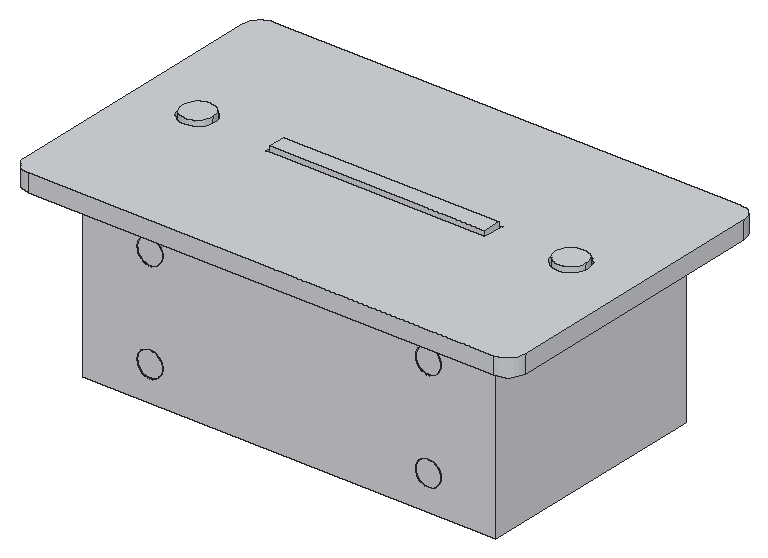
Revit family "Plumbing Fixture_Galvin_Flowmatic_Wall_Sensor_SS_TZ-FLOWSRIM_W", category Plumbing Fixtures, host Face, Revit 2019
Family settings
  Host = Face
  Round Connector Dimension = Use Diameter
  Part Type = Normal
  Cut with Voids When Loaded = No
  Shared = No
  Room Calculation Point = No
Parameters (values of type "Type 1")
  Waste Connection = no
  Vent Connection = no
  Variants = "Electronic"
  Vandal_Resistant = no
  URL = "http://www.galvinengineering.com.au"
  Thread = "25 BSP"
  Specify_Host = "Face"
  SKU_Code = "TZ-FLOWSRIM"
  Product_Type = "Sensor"
  Product_Range = "Flowmatic"
  PlumbingMaterial_ANZRS = Varies
  PlumbingFinish = "Varies"
  Mounting_Surface = "Wall"
  Mounting = "Wall"
  Manufacturer_Phone_No = "1300-514-074"
  Manufacturer_OverallWidth = 0 mm
  Manufacturer_OverallHeight = 0 mm
  Manufacturer_OverallDepth = 0 mm
  Manufacturer = "Galvin Engineering"
  Instructions = ""
  HW Connection = no
  FlowRate = "N/A"
  FilterObject_ANZRS = ""
  Description = "Flowmatic Concealed Sensor Assembly 24V AC for Flushing Rim Sink w/ SS Face Plate"
  Default Elevation = 1219.2 mm
  CategoryStyleOrType_ANZRS = "Plumbing Fixture"
  CW Connection = no
  Application = "Commercial"
  Anti_Ligature = no
Reference planes
  plane 1 "Center (Front/Back)": y = 0
  plane 2: z = 0
  plane 3 "Center (Left/Right)": x = 0
Dimensions and locks
  aligned and locked: plane 2 to host face
  aligned and locked: level to host face
Nested families
  nested 1: "X_GALVIN_FLOWMATIC_WALL_SENSOR_TZ-FLOWSRIM" at (0, 0, 0), type "Type 1"
Definition of nested family "X_GALVIN_FLOWMATIC_WALL_SENSOR_TZ-FLOWSRIM"
  Parameters
    URL = "http://www.galvinengineering.com.au"
    Manufacturer = "Galvin Engineering"
    Description = "FLOWMATIC CONCEALED SENSOR ASSEMBLY 24AC FOR FLUSHING SINK W/ ST/ST FACEPLATE"
  Reference planes
    plane 1 "Center (Front/Back)": y = 0
    plane 2: z = 0
    plane 3 "Center (Left/Right)": x = 0
    plane 4: x = 42.5
    plane 5: x = -42.5
    plane 6: y = 0
    plane 7: y = 0
  Forms (mm)
    Extrusion 1, solid
      sketch origin (0, -27, -39) x (1, 0, 0) y (0, 0, -1)
        loop
          line (-47, 0) -> (-47, -39) -> (47, -39) -> (47, 0) -> (-47, 0)
      from 0 to 54
    Extrusion 2, solid
      sketch origin (0, -133, -39) x (1, 0, 0) y (0, 0, -1)
        loop
          line (-57, -43) -> (57, -43) -> (57, -39) -> (-57, -39) -> (-57, -43)
      from 98 to 168
    Extrusion 3, void
      sketch origin (0, -973, -39) x (1, 0, 0) y (0, 0, -1)
        loop
          circle (-31.699, -8) r 3
        loop
          circle (31.699, -8) r 3
        loop
          circle (-31.699, -31) r 3
        loop
          circle (31.699, -31) r 3
      from 946 to 1000
    Extrusion 4, solid
      sketch origin (0, -973, -39) x (1, 0, 0) y (0, 0, -1)
        loop
          circle (-31.699, -8) r 2.8
        loop
          circle (31.699, -8) r 2.8
        loop
          circle (-31.699, -31) r 2.8
        loop
          circle (31.699, -31) r 2.8
      from 946 to 1000
    Extrusion 5, void
      sketch origin (0, -1463, -39) x (1, 0, 0) y (0, 1, 0)
        loop
          line (-25, 1465.5) -> (-25, 1460.5) -> (25, 1460.5) -> (25, 1465.5) -> (-25, 1465.5)
        loop
          line (-57, 1498) -> (-57, 1494)
          arc (-57, 1494) -> (-55.828, 1496.828) -> (-53, 1498) r 4
          line (-53, 1498) -> (-57, 1498)
        loop
          line (57, 1498) -> (53, 1498)
          arc (53, 1498) -> (55.828, 1496.828) -> (57, 1494) r 4
          line (57, 1494) -> (57, 1498)
        loop
          line (-57, 1428) -> (-53, 1428)
          arc (-53, 1428) -> (-55.828, 1429.172) -> (-57, 1432) r 4
          line (-57, 1432) -> (-57, 1428)
        loop
          line (57, 1428) -> (57, 1432)
          arc (57, 1432) -> (55.828, 1429.172) -> (53, 1428) r 4
          line (53, 1428) -> (57, 1428)
        loop
          circle (-42.5, 1463) r 4
        loop
          circle (42.5, 1463) r 4
      from 37.513 to 47.377
    Extrusion 6, solid
      sketch origin (0, -973, -39) x (1, 0, 0) y (0, 1, 0)
        loop
          line (-24.502, 975) -> (-24.502, 971) -> (24.5, 971) -> (24.5, 975) -> (-24.502, 975)
      from 39 to 44
    Extrusion 7, solid
      sketch origin (0, -972.5, -39) x (1, 0, 0) y (0, 1, 0)
        loop
          circle (-42.5, 972.5) r 3.5
        loop
          circle (42.5, 972.5) r 3.5
      from 39 to 44
  Cuts and joins
    Extrusion 3 cuts Extrusion 1
    Extrusion 5 cuts Extrusion 2
  Dimensions and locks
    cut or joined group of Extrusion 1, Extrusion 3 to cut or joined group of Extrusion 1, Extrusion 3 = 94 mm
    cut or joined group of Extrusion 1, Extrusion 3 to cut or joined group of Extrusion 1, Extrusion 3 = 54 mm
    cut or joined group of Extrusion 2, Extrusion 5 to cut or joined group of Extrusion 2, Extrusion 5 = 70 mm
    cut or joined group of Extrusion 2, Extrusion 5 to cut or joined group of Extrusion 2, Extrusion 5 = 114 mm
    aligned and locked: level to plane 2
